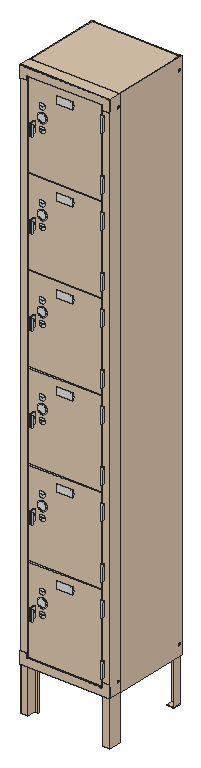
Revit family "Metal_Vented_Lockers-Salsbury_Industries-75000_76000_Series-1_Wide_Units", category Specialty Equipment, Revit 2024 (continued)
Definition of nested family "Vents"
  Lines and regions (in)
    model lines
      curve 61: spline (-0.12218, 0, 48.98929) -> (-0.10447, 0, 48.96016) -> (-0.08514, 0, 48.93573) -> (-0.06447, 0, 48.91637) -> (-0.04279, 0, 48.90239) -> (-0.02043, 0, 48.89399) -> (0.00227, 0, 48.89132) -> (0.02496, 0, 48.8944) -> (0.04728, 0, 48.90319) -> (0.0689, 0, 48.91755) -> (0.08949, 0, 48.93727) -> (0.10872, 0, 48.96205) -> (0.1263, 0, 48.99149)
      curve 62: line (-0.12218, 0, 48.98929) -> (-0.3738, 0, 49.64138)
      curve 63: line (0.1263, 0, 48.99149) -> (0.37669, 0, 49.64065)
      curve 64: spline (-0.12232, 0, 50.29311) -> (-0.1046, 0, 50.3224) -> (-0.08525, 0, 50.34698) -> (-0.06455, 0, 50.36644) -> (-0.04284, 0, 50.3805) -> (-0.02044, 0, 50.38894) -> (0.00229, 0, 50.39163) -> (0.02501, 0, 50.38853) -> (0.04737, 0, 50.37968) -> (0.06902, 0, 50.36522) -> (0.08963, 0, 50.34538) -> (0.10888, 0, 50.32045) -> (0.12647, 0, 50.29083)
      curve 65: line (-0.12232, 0, 50.29311) -> (-0.3738, 0, 49.64138)
      curve 66: line (0.12647, 0, 50.29083) -> (0.37669, 0, 49.64065)
      curve 67: spline (-0.12218, 0, 47.25229) -> (-0.10447, 0, 47.22316) -> (-0.08514, 0, 47.19873) -> (-0.06447, 0, 47.17937) -> (-0.04279, 0, 47.16539) -> (-0.02043, 0, 47.15699) -> (0.00227, 0, 47.15432) -> (0.02496, 0, 47.1574) -> (0.04728, 0, 47.16619) -> (0.0689, 0, 47.18055) -> (0.08949, 0, 47.20027) -> (0.10872, 0, 47.22505) -> (0.1263, 0, 47.25449)
      curve 68: line (-0.12218, 0, 47.25229) -> (-0.3738, 0, 47.90438)
      curve 69: line (0.1263, 0, 47.25449) -> (0.37669, 0, 47.90365)
      curve 70: spline (-0.12232, 0, 48.55611) -> (-0.1046, 0, 48.5854) -> (-0.08525, 0, 48.60998) -> (-0.06455, 0, 48.62944) -> (-0.04284, 0, 48.6435) -> (-0.02044, 0, 48.65194) -> (0.00229, 0, 48.65463) -> (0.02501, 0, 48.65153) -> (0.04737, 0, 48.64268) -> (0.06902, 0, 48.62822) -> (0.08963, 0, 48.60838) -> (0.10888, 0, 48.58345) -> (0.12647, 0, 48.55383)
      curve 71: line (-0.12232, 0, 48.55611) -> (-0.3738, 0, 47.90438)
      curve 72: line (0.12647, 0, 48.55383) -> (0.37669, 0, 47.90365)
      curve 73: spline (-0.12218, 0, 45.51529) -> (-0.10447, 0, 45.48616) -> (-0.08514, 0, 45.46173) -> (-0.06447, 0, 45.44237) -> (-0.04279, 0, 45.42839) -> (-0.02043, 0, 45.41999) -> (0.00227, 0, 45.41732) -> (0.02496, 0, 45.4204) -> (0.04728, 0, 45.42919) -> (0.0689, 0, 45.44355) -> (0.08949, 0, 45.46327) -> (0.10872, 0, 45.48805) -> (0.1263, 0, 45.51749)
      curve 74: line (-0.12218, 0, 45.51529) -> (-0.3738, 0, 46.16738)
      curve 75: line (0.1263, 0, 45.51749) -> (0.37669, 0, 46.16665)
      curve 76: spline (-0.12232, 0, 46.81911) -> (-0.1046, 0, 46.8484) -> (-0.08525, 0, 46.87298) -> (-0.06455, 0, 46.89244) -> (-0.04284, 0, 46.9065) -> (-0.02044, 0, 46.91494) -> (0.00229, 0, 46.91763) -> (0.02501, 0, 46.91453) -> (0.04737, 0, 46.90568) -> (0.06902, 0, 46.89122) -> (0.08963, 0, 46.87138) -> (0.10888, 0, 46.84645) -> (0.12647, 0, 46.81683)
      curve 77: line (-0.12232, 0, 46.81911) -> (-0.3738, 0, 46.16738)
      curve 78: line (0.12647, 0, 46.81683) -> (0.37669, 0, 46.16665)
      curve 79: spline (-0.12218, 0, 43.77829) -> (-0.10447, 0, 43.74916) -> (-0.08514, 0, 43.72473) -> (-0.06447, 0, 43.70537) -> (-0.04279, 0, 43.69139) -> (-0.02043, 0, 43.68299) -> (0.00227, 0, 43.68032) -> (0.02496, 0, 43.6834) -> (0.04728, 0, 43.69219) -> (0.0689, 0, 43.70655) -> (0.08949, 0, 43.72627) -> (0.10872, 0, 43.75105) -> (0.1263, 0, 43.78049)
      curve 80: line (-0.12218, 0, 43.77829) -> (-0.3738, 0, 44.43038)
      curve 81: line (0.1263, 0, 43.78049) -> (0.37669, 0, 44.42965)
      curve 82: spline (-0.12232, 0, 45.08211) -> (-0.1046, 0, 45.1114) -> (-0.08525, 0, 45.13598) -> (-0.06455, 0, 45.15544) -> (-0.04284, 0, 45.1695) -> (-0.02044, 0, 45.17794) -> (0.00229, 0, 45.18063) -> (0.02501, 0, 45.17753) -> (0.04737, 0, 45.16868) -> (0.06902, 0, 45.15422) -> (0.08963, 0, 45.13438) -> (0.10888, 0, 45.10945) -> (0.12647, 0, 45.07983)
      curve 83: line (-0.12232, 0, 45.08211) -> (-0.3738, 0, 44.43038)
      curve 84: line (0.12647, 0, 45.07983) -> (0.37669, 0, 44.42965)
      curve 85: spline (-0.12218, 0, 42.04129) -> (-0.10447, 0, 42.01216) -> (-0.08514, 0, 41.98773) -> (-0.06447, 0, 41.96837) -> (-0.04279, 0, 41.95439) -> (-0.02043, 0, 41.94599) -> (0.00227, 0, 41.94332) -> (0.02496, 0, 41.9464) -> (0.04728, 0, 41.95519) -> (0.0689, 0, 41.96955) -> (0.08949, 0, 41.98927) -> (0.10872, 0, 42.01405) -> (0.1263, 0, 42.04349)
      curve 86: line (-0.12218, 0, 42.04129) -> (-0.3738, 0, 42.69338)
      curve 87: line (0.1263, 0, 42.04349) -> (0.37669, 0, 42.69265)
      curve 88: spline (-0.12232, 0, 43.34511) -> (-0.1046, 0, 43.3744) -> (-0.08525, 0, 43.39898) -> (-0.06455, 0, 43.41844) -> (-0.04284, 0, 43.4325) -> (-0.02044, 0, 43.44094) -> (0.00229, 0, 43.44363) -> (0.02501, 0, 43.44053) -> (0.04737, 0, 43.43168) -> (0.06902, 0, 43.41722) -> (0.08963, 0, 43.39738) -> (0.10888, 0, 43.37245) -> (0.12647, 0, 43.34283)
      curve 89: line (-0.12232, 0, 43.34511) -> (-0.3738, 0, 42.69338)
      curve 90: line (0.12647, 0, 43.34283) -> (0.37669, 0, 42.69265)
      curve 91: spline (-0.12218, 0, 40.30429) -> (-0.10447, 0, 40.27516) -> (-0.08514, 0, 40.25073) -> (-0.06447, 0, 40.23137) -> (-0.04279, 0, 40.21739) -> (-0.02043, 0, 40.20899) -> (0.00227, 0, 40.20632) -> (0.02496, 0, 40.2094) -> (0.04728, 0, 40.21819) -> (0.0689, 0, 40.23255) -> (0.08949, 0, 40.25227) -> (0.10872, 0, 40.27705) -> (0.1263, 0, 40.30649)
      curve 92: line (-0.12218, 0, 40.30429) -> (-0.3738, 0, 40.95638)
      curve 93: line (0.1263, 0, 40.30649) -> (0.37669, 0, 40.95565)
      curve 94: spline (-0.12232, 0, 41.60811) -> (-0.1046, 0, 41.6374) -> (-0.08525, 0, 41.66198) -> (-0.06455, 0, 41.68144) -> (-0.04284, 0, 41.6955) -> (-0.02044, 0, 41.70394) -> (0.00229, 0, 41.70663) -> (0.02501, 0, 41.70353) -> (0.04737, 0, 41.69468) -> (0.06902, 0, 41.68022) -> (0.08963, 0, 41.66038) -> (0.10888, 0, 41.63545) -> (0.12647, 0, 41.60583)
      curve 95: line (-0.12232, 0, 41.60811) -> (-0.3738, 0, 40.95638)
      curve 96: line (0.12647, 0, 41.60583) -> (0.37669, 0, 40.95565)
      curve 97: spline (-0.12218, 0, 38.56729) -> (-0.10447, 0, 38.53816) -> (-0.08514, 0, 38.51373) -> (-0.06447, 0, 38.49437) -> (-0.04279, 0, 38.48039) -> (-0.02043, 0, 38.47199) -> (0.00227, 0, 38.46932) -> (0.02496, 0, 38.4724) -> (0.04728, 0, 38.48119) -> (0.0689, 0, 38.49555) -> (0.08949, 0, 38.51527) -> (0.10872, 0, 38.54005) -> (0.1263, 0, 38.56949)
      curve 98: line (-0.12218, 0, 38.56729) -> (-0.3738, 0, 39.21938)
      curve 99: line (0.1263, 0, 38.56949) -> (0.37669, 0, 39.21865)
      curve 100: spline (-0.12232, 0, 39.87111) -> (-0.1046, 0, 39.9004) -> (-0.08525, 0, 39.92498) -> (-0.06455, 0, 39.94444) -> (-0.04284, 0, 39.9585) -> (-0.02044, 0, 39.96694) -> (0.00229, 0, 39.96963) -> (0.02501, 0, 39.96653) -> (0.04737, 0, 39.95768) -> (0.06902, 0, 39.94322) -> (0.08963, 0, 39.92338) -> (0.10888, 0, 39.89845) -> (0.12647, 0, 39.86883)
      curve 101: line (-0.12232, 0, 39.87111) -> (-0.3738, 0, 39.21938)
      curve 102: line (0.12647, 0, 39.86883) -> (0.37669, 0, 39.21865)
      curve 103: spline (-0.12218, 0, 36.83029) -> (-0.10447, 0, 36.80116) -> (-0.08514, 0, 36.77673) -> (-0.06447, 0, 36.75737) -> (-0.04279, 0, 36.74339) -> (-0.02043, 0, 36.73499) -> (0.00227, 0, 36.73232) -> (0.02496, 0, 36.7354) -> (0.04728, 0, 36.74419) -> (0.0689, 0, 36.75855) -> (0.08949, 0, 36.77827) -> (0.10872, 0, 36.80305) -> (0.1263, 0, 36.83249)
      curve 104: line (-0.12218, 0, 36.83029) -> (-0.3738, 0, 37.48238)
      curve 105: line (0.1263, 0, 36.83249) -> (0.37669, 0, 37.48165)
      curve 106: spline (-0.12232, 0, 38.13411) -> (-0.1046, 0, 38.1634) -> (-0.08525, 0, 38.18798) -> (-0.06455, 0, 38.20744) -> (-0.04284, 0, 38.2215) -> (-0.02044, 0, 38.22994) -> (0.00229, 0, 38.23263) -> (0.02501, 0, 38.22953) -> (0.04737, 0, 38.22068) -> (0.06902, 0, 38.20622) -> (0.08963, 0, 38.18638) -> (0.10888, 0, 38.16145) -> (0.12647, 0, 38.13183)
      curve 107: line (-0.12232, 0, 38.13411) -> (-0.3738, 0, 37.48238)
      curve 108: line (0.12647, 0, 38.13183) -> (0.37669, 0, 37.48165)
      curve 109: spline (-0.12218, 0, 35.09329) -> (-0.10447, 0, 35.06416) -> (-0.08514, 0, 35.03973) -> (-0.06447, 0, 35.02037) -> (-0.04279, 0, 35.00639) -> (-0.02043, 0, 34.99799) -> (0.00227, 0, 34.99532) -> (0.02496, 0, 34.9984) -> (0.04728, 0, 35.00719) -> (0.0689, 0, 35.02155) -> (0.08949, 0, 35.04127) -> (0.10872, 0, 35.06605) -> (0.1263, 0, 35.09549)
      curve 110: line (-0.12218, 0, 35.09329) -> (-0.3738, 0, 35.74538)
      curve 111: line (0.1263, 0, 35.09549) -> (0.37669, 0, 35.74465)
      curve 112: spline (-0.12232, 0, 36.39711) -> (-0.1046, 0, 36.4264) -> (-0.08525, 0, 36.45098) -> (-0.06455, 0, 36.47044) -> (-0.04284, 0, 36.4845) -> (-0.02044, 0, 36.49294) -> (0.00229, 0, 36.49563) -> (0.02501, 0, 36.49253) -> (0.04737, 0, 36.48368) -> (0.06902, 0, 36.46922) -> (0.08963, 0, 36.44938) -> (0.10888, 0, 36.42445) -> (0.12647, 0, 36.39483)
      curve 113: line (-0.12232, 0, 36.39711) -> (-0.3738, 0, 35.74538)
      curve 114: line (0.12647, 0, 36.39483) -> (0.37669, 0, 35.74465)
      curve 115: spline (-0.12218, 0, 33.35629) -> (-0.10447, 0, 33.32716) -> (-0.08514, 0, 33.30273) -> (-0.06447, 0, 33.28337) -> (-0.04279, 0, 33.26939) -> (-0.02043, 0, 33.26099) -> (0.00227, 0, 33.25832) -> (0.02496, 0, 33.2614) -> (0.04728, 0, 33.27019) -> (0.0689, 0, 33.28455) -> (0.08949, 0, 33.30427) -> (0.10872, 0, 33.32905) -> (0.1263, 0, 33.35849)
      curve 116: line (-0.12218, 0, 33.35629) -> (-0.3738, 0, 34.00838)
      curve 117: line (0.1263, 0, 33.35849) -> (0.37669, 0, 34.00765)
      curve 118: spline (-0.12232, 0, 34.66011) -> (-0.1046, 0, 34.6894) -> (-0.08525, 0, 34.71398) -> (-0.06455, 0, 34.73344) -> (-0.04284, 0, 34.7475) -> (-0.02044, 0, 34.75594) -> (0.00229, 0, 34.75863) -> (0.02501, 0, 34.75553) -> (0.04737, 0, 34.74668) -> (0.06902, 0, 34.73222) -> (0.08963, 0, 34.71238) -> (0.10888, 0, 34.68745) -> (0.12647, 0, 34.65783)
      curve 119: line (-0.12232, 0, 34.66011) -> (-0.3738, 0, 34.00838)
      curve 120: line (0.12647, 0, 34.65783) -> (0.37669, 0, 34.00765)
      curve 121: spline (-0.12218, 0, 31.61929) -> (-0.10447, 0, 31.59016) -> (-0.08514, 0, 31.56573) -> (-0.06447, 0, 31.54637) -> (-0.04279, 0, 31.53239) -> (-0.02043, 0, 31.52399) -> (0.00227, 0, 31.52132) -> (0.02496, 0, 31.5244) -> (0.04728, 0, 31.53319) -> (0.0689, 0, 31.54755) -> (0.08949, 0, 31.56727) -> (0.10872, 0, 31.59205) -> (0.1263, 0, 31.62149)
      curve 122: line (-0.12218, 0, 31.61929) -> (-0.3738, 0, 32.27138)
      curve 123: line (0.1263, 0, 31.62149) -> (0.37669, 0, 32.27065)
      curve 124: spline (-0.12232, 0, 32.92311) -> (-0.1046, 0, 32.9524) -> (-0.08525, 0, 32.97698) -> (-0.06455, 0, 32.99644) -> (-0.04284, 0, 33.0105) -> (-0.02044, 0, 33.01894) -> (0.00229, 0, 33.02163) -> (0.02501, 0, 33.01853) -> (0.04737, 0, 33.00968) -> (0.06902, 0, 32.99522) -> (0.08963, 0, 32.97538) -> (0.10888, 0, 32.95045) -> (0.12647, 0, 32.92083)
      curve 125: line (-0.12232, 0, 32.92311) -> (-0.3738, 0, 32.27138)
      curve 126: line (0.12647, 0, 32.92083) -> (0.37669, 0, 32.27065)
      curve 127: spline (-0.12218, 0, 29.88229) -> (-0.10447, 0, 29.85316) -> (-0.08514, 0, 29.82873) -> (-0.06447, 0, 29.80937) -> (-0.04279, 0, 29.79539) -> (-0.02043, 0, 29.78699) -> (0.00227, 0, 29.78432) -> (0.02496, 0, 29.7874) -> (0.04728, 0, 29.79619) -> (0.0689, 0, 29.81055) -> (0.08949, 0, 29.83027) -> (0.10872, 0, 29.85505) -> (0.1263, 0, 29.88449)
      curve 128: line (-0.12218, 0, 29.88229) -> (-0.3738, 0, 30.53438)
      curve 129: line (0.1263, 0, 29.88449) -> (0.37669, 0, 30.53365)
      curve 130: spline (-0.12232, 0, 31.18611) -> (-0.1046, 0, 31.2154) -> (-0.08525, 0, 31.23998) -> (-0.06455, 0, 31.25944) -> (-0.04284, 0, 31.2735) -> (-0.02044, 0, 31.28194) -> (0.00229, 0, 31.28463) -> (0.02501, 0, 31.28153) -> (0.04737, 0, 31.27268) -> (0.06902, 0, 31.25822) -> (0.08963, 0, 31.23838) -> (0.10888, 0, 31.21345) -> (0.12647, 0, 31.18383)
      curve 131: line (-0.12232, 0, 31.18611) -> (-0.3738, 0, 30.53438)
      curve 132: line (0.12647, 0, 31.18383) -> (0.37669, 0, 30.53365)
      curve 133: spline (-0.12218, 0, 28.14529) -> (-0.10447, 0, 28.11616) -> (-0.08514, 0, 28.09173) -> (-0.06447, 0, 28.07237) -> (-0.04279, 0, 28.05839) -> (-0.02043, 0, 28.04999) -> (0.00227, 0, 28.04732) -> (0.02496, 0, 28.0504) -> (0.04728, 0, 28.05919) -> (0.0689, 0, 28.07355) -> (0.08949, 0, 28.09327) -> (0.10872, 0, 28.11805) -> (0.1263, 0, 28.14749)
      curve 134: line (-0.12218, 0, 28.14529) -> (-0.3738, 0, 28.79738)
      curve 135: line (0.1263, 0, 28.14749) -> (0.37669, 0, 28.79665)
      curve 136: spline (-0.12232, 0, 29.44911) -> (-0.1046, 0, 29.4784) -> (-0.08525, 0, 29.50298) -> (-0.06455, 0, 29.52244) -> (-0.04284, 0, 29.5365) -> (-0.02044, 0, 29.54494) -> (0.00229, 0, 29.54763) -> (0.02501, 0, 29.54453) -> (0.04737, 0, 29.53568) -> (0.06902, 0, 29.52122) -> (0.08963, 0, 29.50138) -> (0.10888, 0, 29.47645) -> (0.12647, 0, 29.44683)
      curve 137: line (-0.12232, 0, 29.44911) -> (-0.3738, 0, 28.79738)
      curve 138: line (0.12647, 0, 29.44683) -> (0.37669, 0, 28.79665)
      curve 139: spline (-0.12218, 0, 26.40829) -> (-0.10447, 0, 26.37916) -> (-0.08514, 0, 26.35473) -> (-0.06447, 0, 26.33537) -> (-0.04279, 0, 26.32139) -> (-0.02043, 0, 26.31299) -> (0.00227, 0, 26.31032) -> (0.02496, 0, 26.3134) -> (0.04728, 0, 26.32219) -> (0.0689, 0, 26.33655) -> (0.08949, 0, 26.35627) -> (0.10872, 0, 26.38105) -> (0.1263, 0, 26.41049)
      curve 140: line (-0.12218, 0, 26.40829) -> (-0.3738, 0, 27.06038)
      curve 141: line (0.1263, 0, 26.41049) -> (0.37669, 0, 27.05965)
      curve 142: spline (-0.12232, 0, 27.71211) -> (-0.1046, 0, 27.7414) -> (-0.08525, 0, 27.76598) -> (-0.06455, 0, 27.78544) -> (-0.04284, 0, 27.7995) -> (-0.02044, 0, 27.80794) -> (0.00229, 0, 27.81063) -> (0.02501, 0, 27.80753) -> (0.04737, 0, 27.79868) -> (0.06902, 0, 27.78422) -> (0.08963, 0, 27.76438) -> (0.10888, 0, 27.73945) -> (0.12647, 0, 27.70983)
      curve 143: line (-0.12232, 0, 27.71211) -> (-0.3738, 0, 27.06038)
      curve 144: line (0.12647, 0, 27.70983) -> (0.37669, 0, 27.05965)
      curve 145: spline (-0.12218, 0, 24.67129) -> (-0.10447, 0, 24.64216) -> (-0.08514, 0, 24.61773) -> (-0.06447, 0, 24.59837) -> (-0.04279, 0, 24.58439) -> (-0.02043, 0, 24.57599) -> (0.00227, 0, 24.57332) -> (0.02496, 0, 24.5764) -> (0.04728, 0, 24.58519) -> (0.0689, 0, 24.59955) -> (0.08949, 0, 24.61927) -> (0.10872, 0, 24.64405) -> (0.1263, 0, 24.67349)
      curve 146: line (-0.12218, 0, 24.67129) -> (-0.3738, 0, 25.32338)
      curve 147: line (0.1263, 0, 24.67349) -> (0.37669, 0, 25.32265)
      curve 148: spline (-0.12232, 0, 25.97511) -> (-0.1046, 0, 26.0044) -> (-0.08525, 0, 26.02898) -> (-0.06455, 0, 26.04844) -> (-0.04284, 0, 26.0625) -> (-0.02044, 0, 26.07094) -> (0.00229, 0, 26.07363) -> (0.02501, 0, 26.07053) -> (0.04737, 0, 26.06168) -> (0.06902, 0, 26.04722) -> (0.08963, 0, 26.02738) -> (0.10888, 0, 26.00245) -> (0.12647, 0, 25.97283)
      curve 149: line (-0.12232, 0, 25.97511) -> (-0.3738, 0, 25.32338)
      curve 150: line (0.12647, 0, 25.97283) -> (0.37669, 0, 25.32265)
      curve 151: spline (-0.12218, 0, 22.93429) -> (-0.10447, 0, 22.90516) -> (-0.08514, 0, 22.88073) -> (-0.06447, 0, 22.86137) -> (-0.04279, 0, 22.84739) -> (-0.02043, 0, 22.83899) -> (0.00227, 0, 22.83632) -> (0.02496, 0, 22.8394) -> (0.04728, 0, 22.84819) -> (0.0689, 0, 22.86255) -> (0.08949, 0, 22.88227) -> (0.10872, 0, 22.90705) -> (0.1263, 0, 22.93649)
      curve 152: line (-0.12218, 0, 22.93429) -> (-0.3738, 0, 23.58638)
      curve 153: line (0.1263, 0, 22.93649) -> (0.37669, 0, 23.58565)
      curve 154: spline (-0.12232, 0, 24.23811) -> (-0.1046, 0, 24.2674) -> (-0.08525, 0, 24.29198) -> (-0.06455, 0, 24.31144) -> (-0.04284, 0, 24.3255) -> (-0.02044, 0, 24.33394) -> (0.00229, 0, 24.33663) -> (0.02501, 0, 24.33353) -> (0.04737, 0, 24.32468) -> (0.06902, 0, 24.31022) -> (0.08963, 0, 24.29038) -> (0.10888, 0, 24.26545) -> (0.12647, 0, 24.23583)
      curve 155: line (-0.12232, 0, 24.23811) -> (-0.3738, 0, 23.58638)
      curve 156: line (0.12647, 0, 24.23583) -> (0.37669, 0, 23.58565)
      curve 157: spline (-0.12218, 0, 21.19729) -> (-0.10447, 0, 21.16816) -> (-0.08514, 0, 21.14373) -> (-0.06447, 0, 21.12437) -> (-0.04279, 0, 21.11039) -> (-0.02043, 0, 21.10199) -> (0.00227, 0, 21.09932) -> (0.02496, 0, 21.1024) -> (0.04728, 0, 21.11119) -> (0.0689, 0, 21.12555) -> (0.08949, 0, 21.14527) -> (0.10872, 0, 21.17005) -> (0.1263, 0, 21.19949)
      curve 158: line (-0.12218, 0, 21.19729) -> (-0.3738, 0, 21.84938)
      curve 159: line (0.1263, 0, 21.19949) -> (0.37669, 0, 21.84865)
      curve 160: spline (-0.12232, 0, 22.50111) -> (-0.1046, 0, 22.5304) -> (-0.08525, 0, 22.55498) -> (-0.06455, 0, 22.57444) -> (-0.04284, 0, 22.5885) -> (-0.02044, 0, 22.59694) -> (0.00229, 0, 22.59963) -> (0.02501, 0, 22.59653) -> (0.04737, 0, 22.58768) -> (0.06902, 0, 22.57322) -> (0.08963, 0, 22.55338) -> (0.10888, 0, 22.52845) -> (0.12647, 0, 22.49883)
      curve 161: line (-0.12232, 0, 22.50111) -> (-0.3738, 0, 21.84938)
      curve 162: line (0.12647, 0, 22.49883) -> (0.37669, 0, 21.84865)
      curve 163: spline (-0.12218, 0, 19.46029) -> (-0.10447, 0, 19.43116) -> (-0.08514, 0, 19.40673) -> (-0.06447, 0, 19.38737) -> (-0.04279, 0, 19.37339) -> (-0.02043, 0, 19.36499) -> (0.00227, 0, 19.36232) -> (0.02496, 0, 19.3654) -> (0.04728, 0, 19.37419) -> (0.0689, 0, 19.38855) -> (0.08949, 0, 19.40827) -> (0.10872, 0, 19.43305) -> (0.1263, 0, 19.46249)
      curve 164: line (-0.12218, 0, 19.46029) -> (-0.3738, 0, 20.11238)
      curve 165: line (0.1263, 0, 19.46249) -> (0.37669, 0, 20.11165)
      curve 166: spline (-0.12232, 0, 20.76411) -> (-0.1046, 0, 20.7934) -> (-0.08525, 0, 20.81798) -> (-0.06455, 0, 20.83744) -> (-0.04284, 0, 20.8515) -> (-0.02044, 0, 20.85994) -> (0.00229, 0, 20.86263) -> (0.02501, 0, 20.85953) -> (0.04737, 0, 20.85068) -> (0.06902, 0, 20.83622) -> (0.08963, 0, 20.81638) -> (0.10888, 0, 20.79145) -> (0.12647, 0, 20.76183)
      curve 167: line (-0.12232, 0, 20.76411) -> (-0.3738, 0, 20.11238)
      curve 168: line (0.12647, 0, 20.76183) -> (0.37669, 0, 20.11165)
      curve 197: spline (-0.12218, 0, 17.72329) -> (-0.10447, 0, 17.69416) -> (-0.08514, 0, 17.66973) -> (-0.06447, 0, 17.65037) -> (-0.04279, 0, 17.63639) -> (-0.02043, 0, 17.62799) -> (0.00227, 0, 17.62532) -> (0.02496, 0, 17.6284) -> (0.04728, 0, 17.63719) -> (0.0689, 0, 17.65155) -> (0.08949, 0, 17.67127) -> (0.10872, 0, 17.69605) -> (0.1263, 0, 17.72549)
      curve 198: line (-0.12218, 0, 17.72329) -> (-0.3738, 0, 18.37538)
      curve 199: line (0.1263, 0, 17.72549) -> (0.37669, 0, 18.37465)
      curve 200: spline (-0.12232, 0, 19.02711) -> (-0.1046, 0, 19.0564) -> (-0.08525, 0, 19.08098) -> (-0.06455, 0, 19.10044) -> (-0.04284, 0, 19.1145) -> (-0.02044, 0, 19.12294) -> (0.00229, 0, 19.12563) -> (0.02501, 0, 19.12253) -> (0.04737, 0, 19.11368) -> (0.06902, 0, 19.09922) -> (0.08963, 0, 19.07938) -> (0.10888, 0, 19.05445) -> (0.12647, 0, 19.02483)
      curve 201: line (-0.12232, 0, 19.02711) -> (-0.3738, 0, 18.37538)
      curve 202: line (0.12647, 0, 19.02483) -> (0.37669, 0, 18.37465)
      curve 204: spline (-0.12218, 0, 15.98629) -> (-0.10447, 0, 15.95716) -> (-0.08514, 0, 15.93273) -> (-0.06447, 0, 15.91337) -> (-0.04279, 0, 15.89939) -> (-0.02043, 0, 15.89099) -> (0.00227, 0, 15.88832) -> (0.02496, 0, 15.8914) -> (0.04728, 0, 15.90019) -> (0.0689, 0, 15.91455) -> (0.08949, 0, 15.93427) -> (0.10872, 0, 15.95905) -> (0.1263, 0, 15.98849)
      curve 205: line (-0.12218, 0, 15.98629) -> (-0.3738, 0, 16.63838)
      curve 206: line (0.1263, 0, 15.98849) -> (0.37669, 0, 16.63765)
      curve 207: spline (-0.12232, 0, 17.29011) -> (-0.1046, 0, 17.3194) -> (-0.08525, 0, 17.34398) -> (-0.06455, 0, 17.36344) -> (-0.04284, 0, 17.3775) -> (-0.02044, 0, 17.38594) -> (0.00229, 0, 17.38863) -> (0.02501, 0, 17.38553) -> (0.04737, 0, 17.37668) -> (0.06902, 0, 17.36222) -> (0.08963, 0, 17.34238) -> (0.10888, 0, 17.31745) -> (0.12647, 0, 17.28783)
      curve 208: line (-0.12232, 0, 17.29011) -> (-0.3738, 0, 16.63838)
      curve 209: line (0.12647, 0, 17.28783) -> (0.37669, 0, 16.63765)
      curve 211: spline (-0.12218, 0, 14.24929) -> (-0.10447, 0, 14.22016) -> (-0.08514, 0, 14.19573) -> (-0.06447, 0, 14.17637) -> (-0.04279, 0, 14.16239) -> (-0.02043, 0, 14.15399) -> (0.00227, 0, 14.15132) -> (0.02496, 0, 14.1544) -> (0.04728, 0, 14.16319) -> (0.0689, 0, 14.17755) -> (0.08949, 0, 14.19727) -> (0.10872, 0, 14.22205) -> (0.1263, 0, 14.25149)
      curve 212: line (-0.12218, 0, 14.24929) -> (-0.3738, 0, 14.90138)
      curve 213: line (0.1263, 0, 14.25149) -> (0.37669, 0, 14.90065)
      curve 214: spline (-0.12232, 0, 15.55311) -> (-0.1046, 0, 15.5824) -> (-0.08525, 0, 15.60698) -> (-0.06455, 0, 15.62644) -> (-0.04284, 0, 15.6405) -> (-0.02044, 0, 15.64894) -> (0.00229, 0, 15.65163) -> (0.02501, 0, 15.64853) -> (0.04737, 0, 15.63968) -> (0.06902, 0, 15.62522) -> (0.08963, 0, 15.60538) -> (0.10888, 0, 15.58045) -> (0.12647, 0, 15.55083)
      curve 215: line (-0.12232, 0, 15.55311) -> (-0.3738, 0, 14.90138)
      curve 216: line (0.12647, 0, 15.55083) -> (0.37669, 0, 14.90065)
      curve 218: spline (-0.12218, 0, 12.51229) -> (-0.10447, 0, 12.48316) -> (-0.08514, 0, 12.45873) -> (-0.06447, 0, 12.43937) -> (-0.04279, 0, 12.42539) -> (-0.02043, 0, 12.41699) -> (0.00227, 0, 12.41432) -> (0.02496, 0, 12.4174) -> (0.04728, 0, 12.42619) -> (0.0689, 0, 12.44055) -> (0.08949, 0, 12.46027) -> (0.10872, 0, 12.48505) -> (0.1263, 0, 12.51449)
      curve 219: line (-0.12218, 0, 12.51229) -> (-0.3738, 0, 13.16438)
      curve 220: line (0.1263, 0, 12.51449) -> (0.37669, 0, 13.16365)
      curve 221: spline (-0.12232, 0, 13.81611) -> (-0.1046, 0, 13.8454) -> (-0.08525, 0, 13.86998) -> (-0.06455, 0, 13.88944) -> (-0.04284, 0, 13.9035) -> (-0.02044, 0, 13.91194) -> (0.00229, 0, 13.91463) -> (0.02501, 0, 13.91153) -> (0.04737, 0, 13.90268) -> (0.06902, 0, 13.88822) -> (0.08963, 0, 13.86838) -> (0.10888, 0, 13.84345) -> (0.12647, 0, 13.81383)
      curve 222: line (-0.12232, 0, 13.81611) -> (-0.3738, 0, 13.16438)
      curve 223: line (0.12647, 0, 13.81383) -> (0.37669, 0, 13.16365)
      curve 225: spline (-0.12218, 0, 10.77529) -> (-0.10447, 0, 10.74616) -> (-0.08514, 0, 10.72173) -> (-0.06447, 0, 10.70237) -> (-0.04279, 0, 10.68839) -> (-0.02043, 0, 10.67999) -> (0.00227, 0, 10.67732) -> (0.02496, 0, 10.6804) -> (0.04728, 0, 10.68919) -> (0.0689, 0, 10.70355) -> (0.08949, 0, 10.72327) -> (0.10872, 0, 10.74805) -> (0.1263, 0, 10.77749)
      curve 226: line (-0.12218, 0, 10.77529) -> (-0.3738, 0, 11.42738)
      curve 227: line (0.1263, 0, 10.77749) -> (0.37669, 0, 11.42665)
      curve 228: spline (-0.12232, 0, 12.07911) -> (-0.1046, 0, 12.1084) -> (-0.08525, 0, 12.13298) -> (-0.06455, 0, 12.15244) -> (-0.04284, 0, 12.1665) -> (-0.02044, 0, 12.17494) -> (0.00229, 0, 12.17763) -> (0.02501, 0, 12.17453) -> (0.04737, 0, 12.16568) -> (0.06902, 0, 12.15122) -> (0.08963, 0, 12.13138) -> (0.10888, 0, 12.10645) -> (0.12647, 0, 12.07683)
      curve 229: line (-0.12232, 0, 12.07911) -> (-0.3738, 0, 11.42738)
      curve 230: line (0.12647, 0, 12.07683) -> (0.37669, 0, 11.42665)
      curve 232: spline (-0.12218, 0, 9.03829) -> (-0.10447, 0, 9.00916) -> (-0.08514, 0, 8.98473) -> (-0.06447, 0, 8.96537) -> (-0.04279, 0, 8.95139) -> (-0.02043, 0, 8.94299) -> (0.00227, 0, 8.94032) -> (0.02496, 0, 8.9434) -> (0.04728, 0, 8.95219) -> (0.0689, 0, 8.96655) -> (0.08949, 0, 8.98627) -> (0.10872, 0, 9.01105) -> (0.1263, 0, 9.04049)
      curve 233: line (-0.12218, 0, 9.03829) -> (-0.3738, 0, 9.69038)
      curve 234: line (0.1263, 0, 9.04049) -> (0.37669, 0, 9.68965)
      curve 235: spline (-0.12232, 0, 10.34211) -> (-0.1046, 0, 10.3714) -> (-0.08525, 0, 10.39598) -> (-0.06455, 0, 10.41544) -> (-0.04284, 0, 10.4295) -> (-0.02044, 0, 10.43794) -> (0.00229, 0, 10.44063) -> (0.02501, 0, 10.43753) -> (0.04737, 0, 10.42868) -> (0.06902, 0, 10.41422) -> (0.08963, 0, 10.39438) -> (0.10888, 0, 10.36945) -> (0.12647, 0, 10.33983)
      curve 236: line (-0.12232, 0, 10.34211) -> (-0.3738, 0, 9.69038)
      curve 237: line (0.12647, 0, 10.33983) -> (0.37669, 0, 9.68965)
      curve 239: spline (-0.12218, 0, 7.30129) -> (-0.10447, 0, 7.27216) -> (-0.08514, 0, 7.24773) -> (-0.06447, 0, 7.22837) -> (-0.04279, 0, 7.21439) -> (-0.02043, 0, 7.20599) -> (0.00227, 0, 7.20332) -> (0.02496, 0, 7.2064) -> (0.04728, 0, 7.21519) -> (0.0689, 0, 7.22955) -> (0.08949, 0, 7.24927) -> (0.10872, 0, 7.27405) -> (0.1263, 0, 7.30349)
      curve 240: line (-0.12218, 0, 7.30129) -> (-0.3738, 0, 7.95338)
      curve 241: line (0.1263, 0, 7.30349) -> (0.37669, 0, 7.95265)
      curve 242: spline (-0.12232, 0, 8.60511) -> (-0.1046, 0, 8.6344) -> (-0.08525, 0, 8.65898) -> (-0.06455, 0, 8.67844) -> (-0.04284, 0, 8.6925) -> (-0.02044, 0, 8.70094) -> (0.00229, 0, 8.70363) -> (0.02501, 0, 8.70053) -> (0.04737, 0, 8.69168) -> (0.06902, 0, 8.67722) -> (0.08963, 0, 8.65738) -> (0.10888, 0, 8.63245) -> (0.12647, 0, 8.60283)
      curve 243: line (-0.12232, 0, 8.60511) -> (-0.3738, 0, 7.95338)
      curve 244: line (0.12647, 0, 8.60283) -> (0.37669, 0, 7.95265)
      curve 246: spline (-0.12218, 0, 5.56429) -> (-0.10447, 0, 5.53516) -> (-0.08514, 0, 5.51073) -> (-0.06447, 0, 5.49137) -> (-0.04279, 0, 5.47739) -> (-0.02043, 0, 5.46899) -> (0.00227, 0, 5.46632) -> (0.02496, 0, 5.4694) -> (0.04728, 0, 5.47819) -> (0.0689, 0, 5.49255) -> (0.08949, 0, 5.51227) -> (0.10872, 0, 5.53705) -> (0.1263, 0, 5.56649)
      curve 247: line (-0.12218, 0, 5.56429) -> (-0.3738, 0, 6.21638)
      curve 248: line (0.1263, 0, 5.56649) -> (0.37669, 0, 6.21565)
      curve 249: spline (-0.12232, 0, 6.86811) -> (-0.1046, 0, 6.8974) -> (-0.08525, 0, 6.92198) -> (-0.06455, 0, 6.94144) -> (-0.04284, 0, 6.9555) -> (-0.02044, 0, 6.96394) -> (0.00229, 0, 6.96663) -> (0.02501, 0, 6.96353) -> (0.04737, 0, 6.95468) -> (0.06902, 0, 6.94022) -> (0.08963, 0, 6.92038) -> (0.10888, 0, 6.89545) -> (0.12647, 0, 6.86583)
      curve 250: line (-0.12232, 0, 6.86811) -> (-0.3738, 0, 6.21638)
      curve 251: line (0.12647, 0, 6.86583) -> (0.37669, 0, 6.21565)
    reference lines
      curve 169: line (-0.37307, 0, 67.00949) -> (0.37714, 0, 67.00949)
      curve 170: line (-0.37307, 0, 65.27249) -> (0.37714, 0, 65.27249)
      curve 171: line (-0.37307, 0, 63.53549) -> (0.37714, 0, 63.53549)
      curve 172: line (-0.37307, 0, 61.79849) -> (0.37714, 0, 61.79849)
      curve 173: line (-0.37307, 0, 60.06149) -> (0.37714, 0, 60.06149)
      curve 174: line (-0.37307, 0, 58.32449) -> (0.37714, 0, 58.32449)
      curve 175: line (-0.37307, 0, 56.58749) -> (0.37714, 0, 56.58749)
      curve 176: line (-0.37307, 0, 54.85049) -> (0.37714, 0, 54.85049)
      curve 177: line (-0.37307, 0, 53.11349) -> (0.37714, 0, 53.11349)
      curve 178: line (-0.37307, 0, 51.37649) -> (0.37714, 0, 51.37649)
      curve 179: line (-0.37307, 0, 49.63949) -> (0.37714, 0, 49.63949)
      curve 180: line (-0.37307, 0, 47.90249) -> (0.37714, 0, 47.90249)
      curve 181: line (-0.37307, 0, 46.16549) -> (0.37714, 0, 46.16549)
      curve 182: line (-0.37307, 0, 44.42849) -> (0.37714, 0, 44.42849)
      curve 183: line (-0.37307, 0, 42.69149) -> (0.37714, 0, 42.69149)
      curve 184: line (-0.37307, 0, 40.95449) -> (0.37714, 0, 40.95449)
      curve 185: line (-0.37307, 0, 39.21749) -> (0.37714, 0, 39.21749)
      curve 186: line (-0.37307, 0, 37.48049) -> (0.37714, 0, 37.48049)
      curve 187: line (-0.37307, 0, 35.74349) -> (0.37714, 0, 35.74349)
      curve 188: line (-0.37307, 0, 34.00649) -> (0.37714, 0, 34.00649)
      curve 189: line (-0.37307, 0, 32.26949) -> (0.37714, 0, 32.26949)
      curve 190: line (-0.37307, 0, 30.53249) -> (0.37714, 0, 30.53249)
      curve 191: line (-0.37307, 0, 28.79549) -> (0.37714, 0, 28.79549)
      curve 192: line (-0.37307, 0, 27.05849) -> (0.37714, 0, 27.05849)
      curve 193: line (-0.37307, 0, 25.32149) -> (0.37714, 0, 25.32149)
      curve 194: line (-0.37307, 0, 23.58449) -> (0.37714, 0, 23.58449)
      curve 195: line (-0.37307, 0, 21.84749) -> (0.37714, 0, 21.84749)
      curve 196: line (-0.37307, 0, 20.11049) -> (0.37714, 0, 20.11049)
      curve 203: line (-0.37307, 0, 18.37349) -> (0.37714, 0, 18.37349)
      curve 210: line (-0.37307, 0, 16.63649) -> (0.37714, 0, 16.63649)
      curve 217: line (-0.37307, 0, 14.89949) -> (0.37714, 0, 14.89949)
      curve 224: line (-0.37307, 0, 13.16249) -> (0.37714, 0, 13.16249)
      curve 231: line (-0.37307, 0, 11.42549) -> (0.37714, 0, 11.42549)
      curve 238: line (-0.37307, 0, 9.68849) -> (0.37714, 0, 9.68849)
      curve 245: line (-0.37307, 0, 7.95149) -> (0.37714, 0, 7.95149)
      curve 252: line (-0.37307, 0, 6.21449) -> (0.37714, 0, 6.21449)
  Dimensions and locks (in)
    equal spacing: group 1, group 2, group 3, group 4, group 5, group 6, group 7, group 8, group 9, group 10, group 11, group 12, group 13, group 14, group 15, group 16, group 17, group 18, group 19, group 20, group 21, group 22, group 23, group 24, group 25, group 26, group 27, group 28, group 29, group 30, group 31, group 32, group 33, group 34, group 35, group 36  (x2)
    equal spacing: group 36, group 35, group 34, group 33, group 32, group 31, group 30, group 29, group 28, group 27, group 26, group 25, group 24, group 23, group 22, group 21, group 20, group 19, group 18, group 17, group 16, group 15, group 14, group 13, group 12, group 11, group 10, group 9, group 8, group 7, group 6, group 5, group 4, group 3, group 2, group 1
    aligned and locked: level to plane 2
Types (18): name | Zee Base | Vent Offset | Vent Configuration Height | Vent Array 2 | Vent Array 1 | Unit Height including Sloping Hood Only | Unit Height | Type Comments | Total Door(s) Height | Top Door | Top Compartment Divider | Sloping Hood Height | Primary Structure Material | Unit Height including Base Only | Overall Unit Height (including Base and Sloping Hood) | Model | Individual Door Height | Hasp Plate Rivet Material | Door Location D1 | Description | Depth | Compartment Divider Height | Base Height | Standard Leg Base
  76162 - with Standard 6" High Legs | Metal Locker Zee Base : None | 3.250" | Vents : 6 foot high vents | 5 | 6 | 78.625" | 72.000" | "12\" Wide Vented Metal Locker - Box Style Six Tier" | 69.81949" | yes | yes | 6.625" | Steel - Salsbury Finish = Tan | 78.000" | 84.625" | "76162" | 11.534" | Steel -Salsbury Finish =  Polished Steel | Vented Metal Locker Doors-12 inch with Latch Hasps : Six Tier Door - 6 foot | "1 Wide - 6 Feet High - 12 Inches Deep" | 12.010" | 11.159" | 6.000" | Metal Locker Legs : 6" High - 12" W x 12" D
  76165 - with Standard 6" High Legs | Metal Locker Zee Base : None | 3.500" | Vents : 6 foot high vents | 7 | 8 | 80.682" | 72.000" | "12\" Wide Vented Metal Locker - Box Style Six Tier" | 69.81949" | yes | yes | 8.682" | Paint - Salsbury Finish - Tan | 78.000" | 86.682" | "76165" | 11.534" | Steel -Salsbury Finish - Polished Steel | Vented Metal Locker Doors-12 inch with Latch Hasps : Six Tier Door - 6 foot | "1 Wide - 6 Feet High - 15 Inches Deep" | 15.010" | 11.159" | 6.000" | Metal Locker Legs : 6" High - 12" W x 15" D
  76168 - with Standard 6" High Legs | Metal Locker Zee Base : None | 3.750" | Vents : 6 foot high vents | 9 | 10 | 82.739" | 72.000" | "12\" Wide Vented Metal Locker - Box Style Six Tier" | 69.81949" | yes | yes | 10.739" | Paint - Salsbury Finish - Tan | 78.000" | 88.739" | "76168" | 11.534" | Steel -Salsbury Finish - Polished Steel | Vented Metal Locker Doors-12 inch with Latch Hasps : Six Tier Door - 6 foot | "1 Wide - 6 Feet High - 18 Inches Deep" | 18.010" | 11.159" | 6.000" | Metal Locker Legs : 6" High - 12"W x 18"D
  76162 - with 77572 Zee Base and 77550 Lockers without Legs | Metal Locker Zee Base : 77572- 12" W x 12" D | 3.250" | Vents : 6 foot high vents | 5 | 6 | 78.625" | 72.000" | "12\" Wide Vented Metal Locker - Box Style Six Tier" | 69.81949" | yes | yes | 6.625" | Paint - Salsbury Finish - Tan | 76.000" | 82.625" | "76162 with 77572 and 77550" | 11.534" | Steel -Salsbury Finish - Polished Steel | Vented Metal Locker Doors-12 inch with Latch Hasps : Six Tier Door - 6 foot | "1 Wide - 6 Feet High - 12 Inches Deep with Zee Base and Lockers without Legs" | 12.010" | 11.159" | 4.000" | Metal Locker Legs : No Legs
  76165 - with 77575 Zee Base and 77550 Lockers without Legs | Metal Locker Zee Base : 77575 - 12" W x 15" D | 3.500" | Vents : 6 foot high vents | 7 | 8 | 80.682" | 72.000" | "12\" Wide Vented Metal Locker - Box Style Six Tier" | 69.81949" | yes | yes | 8.682" | Paint - Salsbury Finish - Tan | 76.000" | 84.682" | "76165 with 77575 and 77550" | 11.534" | Steel -Salsbury Finish - Polished Steel | Vented Metal Locker Doors-12 inch with Latch Hasps : Six Tier Door - 6 foot | "1 Wide - 6 Feet High - 15 Inches Deep with Zee Base and Lockers without Legs" | 15.010" | 11.159" | 4.000" | Metal Locker Legs : No Legs
  76168 - with 77578 Zee Base and 77550 Lockers without Legs | Metal Locker Zee Base : 77578 - 12"W x 18"D | 3.750" | Vents : 6 foot high vents | 9 | 10 | 82.739" | 72.000" | "12\" Wide Vented Metal Locker - Box Style Six Tier" | 69.81949" | yes | yes | 10.739" | Paint - Salsbury Finish - Tan | 76.000" | 86.739" | "76168 with 77578 and 77550" | 11.534" | Steel -Salsbury Finish - Polished Steel | Vented Metal Locker Doors-12 inch with Latch Hasps : Six Tier Door - 6 foot | "1 Wide - 6 Feet High - 18 Inches Deep with Zee Base and Lockers without Legs" | 18.010" | 11.159" | 4.000" | Metal Locker Legs : No Legs
  76162 - with 77550 Lockers without Legs | Metal Locker Zee Base : None | 3.250" | Vents : 6 foot high vents | 5 | 6 | 78.625" | 72.000" | "12\" Wide Vented Metal Locker - Box Style Six Tier" | 69.81949" | yes | yes | 6.625" | Paint - Salsbury Finish - Tan | 72.000" | 78.625" | "76162 with 77550" | 11.534" | Steel -Salsbury Finish - Polished Steel | Vented Metal Locker Doors-12 inch with Latch Hasps : Six Tier Door - 6 foot | "1 Wide - 6 Feet High - 12 Inches Deep with Lockers without Legs" | 12.010" | 11.159" | 0.000" | Metal Locker Legs : No Legs
  76165 - with 77550 Lockers without Legs | Metal Locker Zee Base : None | 3.500" | Vents : 6 foot high vents | 7 | 8 | 80.682" | 72.000" | "12\" Wide Vented Metal Locker - Box Style Six Tier" | 69.81949" | yes | yes | 8.682" | Paint - Salsbury Finish - Tan | 72.000" | 80.682" | "76165 with 77550" | 11.534" | Steel -Salsbury Finish - Polished Steel | Vented Metal Locker Doors-12 inch with Latch Hasps : Six Tier Door - 6 foot | "1 Wide - 6 Feet High - 15 Inches Deep with Lockers without Legs" | 15.010" | 11.159" | 0.000" | Metal Locker Legs : No Legs
  76168 - with 77550 Lockers without Legs | Metal Locker Zee Base : None | 3.750" | Vents : 6 foot high vents | 9 | 10 | 82.739" | 72.000" | "12\" Wide Vented Metal Locker - Box Style Six Tier" | 69.81949" | yes | yes | 10.739" | Paint - Salsbury Finish - Tan | 72.000" | 82.739" | "76168 with 77550" | 11.534" | Steel -Salsbury Finish - Polished Steel | Vented Metal Locker Doors-12 inch with Latch Hasps : Six Tier Door - 6 foot | "1 Wide - 6 Feet High - 18 Inches Deep with Lockers without Legs" | 18.010" | 11.159" | 0.000" | Metal Locker Legs : No Legs
  75152 - with Standard 6" High Legs | Metal Locker Zee Base : None | 3.250" | Vents : 5 foot high vents | 5 | 6 | 66.625" | 60.000" | "12\" Wide Vented Metal Locker - Box Style Five Tier" | 57.81949" | no | no | 6.625" | Paint - Salsbury Finish - Tan | 66.000" | 72.625" | "75152" | 11.463" | Steel -Salsbury Finish - Polished Steel | Vented Metal Locker Doors-12 inch with Latch Hasps : Five Tier Door - 5 foot | "1 Wide - 5 Feet High - 12 Inches Deep" | 12.010" | 11.088" | 6.000" | Metal Locker Legs : 6" High - 12" W x 12" D
  75152 - with 77572 Zee Base and 77550 Lockers without Legs | Metal Locker Zee Base : 77572- 12" W x 12" D | 3.250" | Vents : 5 foot high vents | 5 | 6 | 66.625" | 60.000" | "12\" Wide Vented Metal Locker - Box Style Five Tier" | 57.81949" | no | no | 6.625" | Paint - Salsbury Finish - Tan | 64.000" | 70.625" | "75152 with 77572 and 77550" | 11.463" | Steel -Salsbury Finish - Polished Steel | Vented Metal Locker Doors-12 inch with Latch Hasps : Five Tier Door - 5 foot | "1 Wide - 5 Feet High - 12 Inches Deep with Zee Base and Lockers without Legs" | 12.010" | 11.088" | 4.000" | Metal Locker Legs : No Legs
  75152 - with 77550 Lockers without Legs | Metal Locker Zee Base : None | 3.250" | Vents : 5 foot high vents | 5 | 6 | 66.625" | 60.000" | "12\" Wide Vented Metal Locker - Box Style Five Tier" | 57.81949" | no | no | 6.625" | Paint - Salsbury Finish - Tan | 60.000" | 66.625" | "75152 with 77550" | 11.463" | Steel -Salsbury Finish - Polished Steel | Vented Metal Locker Doors-12 inch with Latch Hasps : Five Tier Door - 5 foot | "1 Wide - 5 Feet High - 12 Inches Deep with Lockers without Legs" | 12.010" | 11.088" | 0.000" | Metal Locker Legs : No Legs
  75155 - with Standard 6" High Legs | Metal Locker Zee Base : None | 3.500" | Vents : 5 foot high vents | 7 | 8 | 68.682" | 60.000" | "12\" Wide Vented Metal Locker - Box Style Five Tier" | 57.81949" | no | no | 8.682" | Paint - Salsbury Finish - Tan | 66.000" | 74.682" | "75155" | 11.463" | Steel -Salsbury Finish - Polished Steel | Vented Metal Locker Doors-12 inch with Latch Hasps : Five Tier Door - 5 foot | "1 Wide - 5 Feet High - 15 Inches Deep" | 15.010" | 11.088" | 6.000" | Metal Locker Legs : 6" High - 12" W x 15" D
  75155 - with 77575 Zee Base and 77550 Lockers without Legs | Metal Locker Zee Base : 77575 - 12" W x 15" D | 3.500" | Vents : 5 foot high vents | 7 | 8 | 68.682" | 60.000" | "12\" Wide Vented Metal Locker - Box Style Five Tier" | 57.81949" | no | no | 8.682" | Paint - Salsbury Finish - Tan | 64.000" | 72.682" | "75155 with 77575 and 77550" | 11.463" | Steel -Salsbury Finish - Polished Steel | Vented Metal Locker Doors-12 inch with Latch Hasps : Five Tier Door - 5 foot | "1 Wide - 5 Feet High - 15 Inches Deep with Zee Base and Lockers without Legs" | 15.010" | 11.088" | 4.000" | Metal Locker Legs : No Legs
  75155 - with 77550 Lockers without Legs | Metal Locker Zee Base : None | 3.500" | Vents : 5 foot high vents | 7 | 8 | 68.682" | 60.000" | "12\" Wide Vented Metal Locker - Box Style Five Tier" | 57.81949" | no | no | 8.682" | Paint - Salsbury Finish - Tan | 60.000" | 68.682" | "75155 with 77550" | 11.463" | Steel -Salsbury Finish - Polished Steel | Vented Metal Locker Doors-12 inch with Latch Hasps : Five Tier Door - 5 foot | "1 Wide - 5 Feet High - 15 Inches Deep with Lockers without Legs" | 15.010" | 11.088" | 0.000" | Metal Locker Legs : No Legs
  75158 - with Standard 6" High Legs | Metal Locker Zee Base : None | 3.750" | Vents : 5 foot high vents | 9 | 10 | 70.739" | 60.000" | "12\" Wide Vented Metal Locker - Box Style Five Tier" | 57.81949" | no | no | 10.739" | Paint - Salsbury Finish - Tan | 66.000" | 76.739" | "75158" | 11.463" | Steel -Salsbury Finish - Polished Steel | Vented Metal Locker Doors-12 inch with Latch Hasps : Five Tier Door - 5 foot | "1 Wide - 5 Feet High - 18 Inches Deep" | 18.010" | 11.088" | 6.000" | Metal Locker Legs : 6" High - 12"W x 18"D
  75158 - with 77578 Zee Base and 77550 Lockers without Legs | Metal Locker Zee Base : 77578 - 12"W x 18"D | 3.750" | Vents : 5 foot high vents | 9 | 10 | 70.739" | 60.000" | "12\" Wide Vented Metal Locker - Box Style Five Tier" | 57.81949" | no | no | 10.739" | Paint - Salsbury Finish - Tan | 64.000" | 74.739" | "75158 with 77578 and 77550" | 11.463" | Steel -Salsbury Finish - Polished Steel | Vented Metal Locker Doors-12 inch with Latch Hasps : Five Tier Door - 5 foot | "1 Wide - 5 Feet High - 18 Inches Deep with Zee Base and Lockers without Legs" | 18.010" | 11.088" | 4.000" | Metal Locker Legs : No Legs
  75158 - with 77550 Lockers without Legs | Metal Locker Zee Base : None | 3.750" | Vents : 5 foot high vents | 9 | 10 | 70.739" | 60.000" | "12\" Wide Vented Metal Locker - Box Style Five Tier" | 57.81949" | no | no | 10.739" | Paint - Salsbury Finish - Tan | 60.000" | 70.739" | "75158 with 77550" | 11.463" | Steel -Salsbury Finish - Polished Steel | Vented Metal Locker Doors-12 inch with Latch Hasps : Five Tier Door - 5 foot | "1 Wide - 5 Feet High - 18 Inches Deep with Lockers without Legs" | 18.010" | 11.088" | 0.000" | Metal Locker Legs : No Legs
